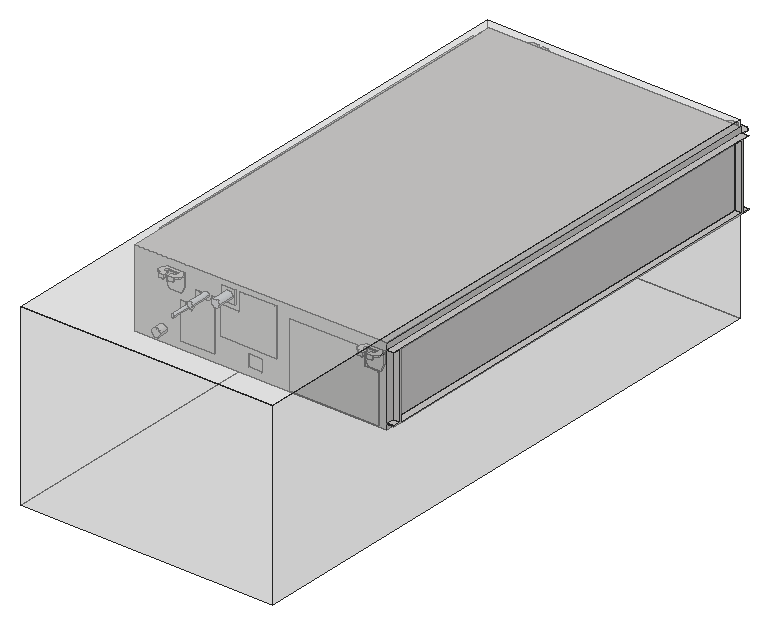
Revit family "outputfile", category 機械設備, Revit 2024
Family settings
  丸型コネクタ寸法 = 半径を使用
  パーツ タイプ = 標準
  OmniClass 番号 = 23.75.10.24.21.27.27
  OmniClass タイトル = Split System Air Conditioning Units
  作業面ベース = いいえ
  常に垂直 = はい
  ロード時にボイドで切り取り = いいえ
  注釈の向きを維持 = いいえ
  共有 = いいえ
  部屋計算ポイント = はい
Parameters (values of type "FXSQ125PAVS")
  Description = ""
  製造元 = "Daikin"
  書き出し IFC クラス(タイプ) = "IfcUnitaryEquipmentType"
  定義済み IFC タイプ(タイプ) = "AIRCONDITIONINGUNIT"
  Cost = 0
  モデル = "FXSQ125PAVS"
  Type Comments = ""
  Keynote = ""
  Type Image = (empty or 0)
  Assembly Code = ""
  r_Liquid Pipe Size = Liquid Pipe Size / 2  # 4.75 mm
  r_Gas Pipe Size = Gas Pipe Size / 2  # 7.95 mm
  r_Drain Pipe Size = Drain Pipe Size / 2  # 12.5 mm
  lw_power = 770.0 mm  # constant formula
  lh_SA = 138.0 mm  # constant formula
  lw_SA = if(Depth = 550.0 mm, 225.0 mm, if(Depth = 700.0 mm, 300.0 mm, if(Depth = 1000.0 mm, 450.0 mm, if(Depth = 1400.0 mm, 650.0 mm, 725.0 mm))))  # 650.0 mm
  lw_RA = if(Depth = 550.0 mm, 275.0 mm, if(Depth = 700.0 mm, 349.0 mm, if(Depth = 1000.0 mm, 499.0 mm, if(Depth = 1400.0 mm, 699.0 mm, 775.0 mm))))  # 699.0 mm
  lh_power = 60.0 mm + [h***]  # 60.0 mm
  lh_mountinghole1 = lh_mountinghole + [h***]  # 222.0 mm
  lh_RA = 123.0 mm  # constant formula
  ld_power = Depth / 2  # 700.0 mm
  Voltage_comment_50Hz = "220-240"
  Voltage_50Hz = 220 V
  URL = ""
  Supply Air Direction [instance] = yes
  Sound Power Level_H speed (dB) = 70
  Phase_50Hz = 1
  Minimum External Static Pressure = 50.00 Pa
  Minimum Circuit Amps_50Hz = 2.8 A
  Maximum Fuse Amps_50Hz = 16.0 A
  Maximum External Static Pressure = 150.00 Pa
  Material_Casing = DAIKIN_GalvanizedSteel_Casing_indoorunit
  lw_mountinghole = 630.0 mm  # constant formula
  lh_gaspipe = 183.0 mm + [h***]  # 183.0 mm
  lh_mountinghole = 222.0 mm  # constant formula
  lh_liquidpipe = 136.0 mm + [h***]  # 136.0 mm
  lh_drainpipe = 207.0 mm + [h***]  # 207.0 mm
  lh_antena = Height - lh_mountinghole + 1.0 mm  # 24.0 mm
  ld_drainpipe = Depth / 2 + 53.0 mm  # 753.0 mm
  ld_liquidpipe = Depth / 2 + 69.0 mm  # 769.0 mm
  ld_gaspipe = Depth / 2 + 65.0 mm  # 765.0 mm
  ld_mountinghole = Depth + 38.0 mm  # 1438.0 mm
  h*** = 0.0 mm  # constant formula
  lw_liquidpipe = 179.0 mm  # constant formula
  lw_gaspipe = 229.0 mm  # constant formula
  lw_drainpipe = 300.0 mm  # constant formula
  Width = 800.0 mm
  Version = "ver.1.0"
  Unit Type = "Middle Static Pressure Duct Type"
  Unit Mass Weight = 47.00 kg
  Unit Designation [instance] = ""
  Uniclass2015Version = "Products v1.30"
  Uniclass2015Title = "Variable refrigerant flow units"
  Uniclass2015Code = "Pr_70_65_03_94"
  Total Heating Capacity [instance] = 0.000 kW
  Total Cooling Capacity [instance] = 0.000 kW
  Sound Pressure Level_M speed (dBA) = 0
  Sound Pressure Level_L speed (dBA) = 35
  Sound Pressure Level_H speed (dBA) = 42
  Series = "VRV Fan Coil Unit"
  Sensible Cooling Capacity [instance] = 0.000 kW
  SA Duct Size Width = if(Depth = 550.0 mm, 337.0 mm, if(Depth = 700.0 mm, 492.0 mm, if(Depth = 1000.0 mm, 792.0 mm, if(Depth = 1400.0 mm, 1192.0 mm, 1337.0 mm))))  # 1192.0 mm
  SA Duct Size Height = 176.0 mm
  Refrigerant Type = "R410A"
  RA Duct Size Width = if(Depth = 550.0 mm, 502.0 mm, if(Depth = 700.0 mm, 654.0 mm, if(Depth = 1000.0 mm, 952.0 mm, if(Depth = 1400.0 mm, 1352.0 mm, 1502.0 mm))))  # 1352.0 mm
  RA Duct Size Height = 208.0 mm
  Power Input (Heating) = 0.355 kW
  Power Input (Cooling) = 0.360 kW
  Option Accessory 3 [instance] = ""
  Option Accessory 2 [instance] = ""
  Option Accessory 1 [instance] = ""
  Nominal Heating Capacity = 16.000 kW
  Nominal Cooling Capacity = 14.000 kW
  Minimum Airflow = 1560.00 m³/h
  Median Airflow = 1890.00 m³/h
  Maximum Airflow = 2220.00 m³/h
  Load Classification = HVAC
  Liquid Pipe Size = 9.5 mm
  Link_Nested Family [instance] = ""
  IfcVersion = "0"
  IfcExportType = "AIRCONDITIONINGUNIT"
  IfcExportAs = "IfcUnitaryEquipmentType"
  Height = 245.0 mm
  Heating Entering Wet Bulb Temperature [instance] = 0.00 °C
  Heating Entering Dry Bulb Temperature [instance] = 0.00 °C
  Heating Ambient Wet Bulb Temperature [instance] = 0.00 °C
  Heating Ambient Dry Bulb Temperature [instance] = 0.00 °C
  Heat Exchanger Type = "Cross Fin Coil"
  Gas Pipe Size = 15.9 mm
  Frequency_50Hz = 50 Hz
  Fan Type = "Sirocco Fan"
  Fan Drive = "Direct Drive"
  FCU Tag No. [instance] = ""
  Drain Pipe Size = 25.0 mm
  Design Supply Airflow [instance] = 0.00 m³/h
  Design Return Airflow [instance] = 0.00 m³/h
  Design External Static Pressure [instance] = 0.00 Pa
  Depth = 1400.0 mm
  既定の高さ = 0.0 mm
  Cooling Entering Wet Bulb Temperature [instance] = 0.00 °C
  Cooling Entering Dry Bulb Temperature [instance] = 0.00 °C
  Cooling Ambient Wet Bulb Temperature [instance] = 0.00 °C
  Cooling Ambient Dry Bulb Temperature [instance] = 0.00 °C
  Clearance visibility [instance] = yes
  Clearance Top = 20.0 mm
  Clearance Right = 0.0 mm
  Clearance Rear = 0.0 mm
  Clearance Left = 0.0 mm
  Clearance Front = 450.0 mm
  Clearance Bottom = 300.0 mm
Reference planes
  plane 1 "Center (Front/Back)": y = 0
  plane 2 "h": z = 0
  plane 3 "Center (Left/Right)": x = 0
  plane 4 "Back": y = 700
  plane 5 "Front": y = -700
  plane 6 "Left": x = -400
  plane 7 "Reight": x = 400
  plane 8 "Top": z = 0
  plane 9 "Bottom": z = -245
  plane 10: y = -215
  plane 11: y = 700
  plane 12: y = -1150
  plane 13: x = -400
  plane 14: x = 400
  plane 15: z = 20
  plane 16: z = -545
  plane 17: x = -400
  plane 18: x = -399
  plane 19: x = 399
  plane 20: y = 50
  plane 21: y = -1
  plane 22: z = -122
  plane 23: y = -701
  plane 24: z = -109
  plane 25: x = -221
  plane 26: y = -765
  plane 27: z = -62
  plane 28: x = -171
  plane 29: y = -753
  plane 30: z = -38
  plane 31: x = -100
  plane 32: x = -100
  plane 33: x = -221
  plane 34: x = -171
  plane 35: x = 370
  plane 36: x = -266
  plane 37: x = 364
  plane 38: y = -719
  plane 39: y = 719
  plane 40: z = -23
  plane 41: z = -107
  plane 42: y = -770
  plane 43: z = -207
  plane 44: x = -309
  plane 45: y = -726
  plane 46: x = -251
  plane 47: x = -203
  plane 48: x = -144
  plane 49: z = -59
  plane 50: z = -106
  plane 51: z = -221
  plane 52: z = -109
  plane 53: x = -221
  plane 54: z = -62
  plane 55: x = -171
  plane 56: z = -17
  plane 57: z = -59
  plane 58: x = -121
  plane 59: x = -79
  plane 60: x = -125
  plane 61: x = -64
  plane 62: x = 53
  plane 63: z = -164
  plane 64: z = -73
  plane 65: z = -16
  plane 66: x = 93.5
  plane 67: x = 374.5
  plane 68: x = 330
  plane 69: z = -88.5
  plane 70: z = -38
  plane 71: z = -242.5
  plane 72: x = -38.5
  plane 73: x = 6.5
  plane 74: z = -181
  plane 75: z = -221
  plane 76: y = -699
  plane 77: x = -424
  plane 78: x = 424
Forms (mm)
  Extrusion 1, solid, material "DAIKIN_GalvanizedSteel_Casing_indoorunit" <- "Material_Casing"
    sketch origin (0, 0, 0) x (1, 0, 0) y (0, 1, 0)
      loop
        line (-399, 700) -> (-399, -700) -> (399, -700) -> (399, 700) -> (-399, 700)
    from -245 to 0
  Extrusion 2, solid, material "DAIKIN_GalvanizedSteel_Casing_indoorunit" <- "Material_Casing"
    sketch origin (0, 0, 0) x (1, 0, 0) y (0, 0, 1)
      loop
        line (-251, -221) -> (-144, -221) -> (-144, -59) -> (-154.47, -59)
        arc (-154.47, -59) -> (-171, -78.8) -> (-187.53, -59) r 16.8
        line (-187.53, -59) -> (-203, -59) -> (-203, -106) -> (-206.916, -106)
        arc (-206.916, -106) -> (-221, -123.4) -> (-235.084, -106) r 14.4
        line (-235.084, -106) -> (-251, -106) -> (-251, -221)
    from 700 to 701
  Extrusion 3, solid, material "DAIKIN_GalvanizedSteel_Casing_indoorunit" <- "Material_Casing"
    sketch origin (0, 0, 0) x (1, 0, 0) y (0, 0, 1)
      loop
        line (-121, -17) -> (-121, -59) -> (-79, -59) -> (-79, -17) -> (-121, -17)
      loop
        line (-125, -73) -> (-125, -164) -> (53, -164) -> (53, -16) -> (-64, -16) -> (-64, -73) -> (-125, -73)
    from 700 to 701
  Extrusion 4, solid, material "DAIKIN_GalvanizedSteel_Casing_indoorunit" <- "Material_Casing"
    sketch origin (0, 0, 0) x (1, 0, 0) y (0, 0, 1)
      loop
        line (93.5, -38) -> (93.5, -242.5) -> (374.5, -242.5) -> (374.5, -88.5) -> (330, -88.5) -> (330, -38) -> (93.5, -38)
    from 700 to 701
  Extrusion 5, solid
    sketch origin (0, 0, 0) x (1, 0, 0) y (0, 0, 1)
      loop
        circle (-221, -109) r 4.75
    from 700 to 770
  Extrusion 6, solid
    sketch origin (0, 0, 0) x (1, 0, 0) y (0, 0, 1)
      loop
        circle (-171, -62) r 7.95
    from 700 to 765
  Extrusion 7, solid
    sketch origin (0, 0, 0) x (1, 0, 0) y (0, 0, 1)
      loop
        circle (-100, -38) r 12.5
    from 701 to 753
  Extrusion 8, solid, material "DAIKIN_GalvanizedSteel_Casing_indoorunit" <- "Material_Casing"
    sketch origin (0, 0, 0) x (1, 0, 0) y (0, 0, 1)
      loop
        circle (-309, -207) r 13
    from 700 to 726
  Extrusion 9, void
    sketch origin (0, 0, 0) x (1, 0, 0) y (0, 0, 1)
      loop
        line (-38.5, -181) -> (-38.5, -221) -> (6.5, -221) -> (6.5, -181) -> (-38.5, -181)
    from 699 to 700
Cuts and joins
  Extrusion 9 cuts Extrusion 1
Dimensions and locks
  "Height": plane 8 "Top" to plane 9 "Bottom"
  equal spacing: plane 4 "Back", plane 1 "Center (Front/Back)", plane 5 "Front"
  "Depth": plane 4 "Back" to plane 5 "Front"
  equal spacing: plane 6 "Left", plane 3 "Center (Left/Right)", plane 7 "Reight"
  "Width": plane 6 "Left" to plane 7 "Reight"
  "Clearance Left": plane 13 to plane 6 "Left"
  "Clearance Right": plane 7 "Reight" to plane 14
  "Clearance Rear": plane 11 to plane 4 "Back"
  "Clearance Front": plane 5 "Front" to plane 12
  "Clearance Top": plane 15 to plane 8 "Top"
  "Clearance Bottom": plane 9 "Bottom" to plane 16
  locked: plane 17 to plane 18 at 1
  locked: plane 19 to plane 14 at 1
  "lw_SA": plane 11 to plane 20
  "lw_RA": plane 21 to plane 5 "Front"
  "lh_RA": plane 22 to plane 9 "Bottom"
  locked: plane 5 "Front" to plane 23 at 1
  "lw_liquidpipe": plane 25 to plane 6 "Left"
  "lh_liquidpipe": plane 24 to plane 9 "Bottom"
  "lh_gaspipe": plane 27 to plane 9 "Bottom"
  "lw_gaspipe": plane 28 to plane 6 "Left"
  "ld_gaspipe": plane 26 to plane 1 "Center (Front/Back)"
  "ld_drainpipe": plane 29 to plane 1 "Center (Front/Back)"
  "lh_drainpipe": plane 30 to plane 9 "Bottom"
  "lw_drainpipe": plane 31 to plane 6 "Left"
  "lw_drainpipe": plane 6 "Left" to plane 32
  "lw_liquidpipe": plane 6 "Left" to plane 33
  "lw_gaspipe": plane 6 "Left" to plane 34
  "lw_power": plane 6 "Left" to plane 35
  locked: plane 17 to plane 36 at 134
  "lw_mountinghole": plane 36 to plane 37
  equal spacing: plane 38, plane 1 "Center (Front/Back)", plane 39
  "ld_mountinghole": plane 39 to plane 38
  "lh_mountinghole": plane 40 to plane 9 "Bottom"
  "lh_SA": plane 41 to plane 9 "Bottom"
  "ld_liquidpipe": plane 21 to plane 42
  locked: plane 44 to plane 6 "Left" at 91
  locked: plane 43 to plane 9 "Bottom" at 38
  locked: plane 5 "Front" to plane 45 at 26
  plane 48 to plane 47 to plane 46 to plane 6 "Left" = 59.0 mm, 48.0 mm, 149.0 mm
  plane 8 "Top" to plane 49 to plane 50 to plane 51 = 59.0 mm locked, 47.0 mm locked, 115.0 mm locked
  plane 55 to plane 53 to plane 6 "Left" = 50.0 mm locked, 179.0 mm locked
  plane 54 to plane 52 to plane 9 "Bottom" = 47.0 mm locked, 136.0 mm locked
  plane 59 to plane 58 to plane 6 "Left" = 42.0 mm locked, 279.0 mm locked
  plane 8 "Top" to plane 56 to plane 57 = 17.0 mm locked, 42.0 mm locked
  plane 62 to plane 61 to plane 60 to plane 6 "Left" = 117.0 mm, 61.0 mm, 275.0 mm
  plane 8 "Top" to plane 65 to plane 64 = 16.0 mm locked, 57.0 mm locked
  locked: plane 65 to plane 63 at 148
  plane 8 "Top" to plane 70 to plane 69 to plane 71 = 38.0 mm locked, 50.5 mm locked, 154.0 mm locked
  plane 67 to plane 68 to plane 66 to plane 6 "Left" = 44.5 mm locked, 236.5 mm locked, 493.5 mm locked
  plane 8 "Top" to plane 74 to plane 75 = 181.0 mm locked, 40.0 mm locked
  plane 73 to plane 72 to plane 6 "Left" = 45.0 mm, 361.5 mm
  locked: plane 76 to plane 5 "Front" at 1
  locked: plane 77 to plane 17 at 24
  locked: plane 14 to plane 78 at 24
  "r_Liquid Pipe Size": radius of Extrusion 5 sketch curve
  "r_Gas Pipe Size": radius of Extrusion 6 sketch curve
  "r_Drain Pipe Size": radius of Extrusion 7 sketch curve
  aligned and locked: level to plane 2 "h"
  aligned and locked: plane 8 "Top" to Extrusion 1
  aligned and locked: Extrusion 1 to plane 9 "Bottom"
  aligned and locked: nested 5 to plane 12
  aligned and locked: plane 13 to nested 5
  aligned and locked: plane 14 to nested 5
  aligned and locked: nested 5 to plane 13
  aligned and locked: plane 11 to nested 5
  aligned and locked: plane 15 to nested 5
  aligned and locked: plane 16 to nested 5
  aligned and locked: plane 5 "Front" to Extrusion 1 sketch curve
  aligned and locked: Extrusion 1 to plane 18
  aligned and locked: plane 19 to Extrusion 1
  aligned and locked: nested 7 to plane 18
  aligned and locked: nested 7 to plane 20
  aligned and locked: plane 19 to nested 8
  aligned and locked: plane 21 to nested 8
  aligned and locked: plane 22 to nested 8
  aligned and locked: Extrusion 2 to plane 23
  aligned and locked: plane 5 "Front" to Extrusion 2
  aligned and locked: Extrusion 3 to plane 23
  aligned and locked: plane 5 "Front" to Extrusion 3
  aligned and locked: plane 5 "Front" to Extrusion 4
  aligned and locked: Extrusion 5 sketch curve to plane 25
  aligned and locked: plane 24 to Extrusion 5 sketch curve
  aligned and locked: plane 5 "Front" to Extrusion 5
  aligned and locked: Extrusion 6 sketch curve to plane 28
  aligned and locked: plane 27 to Extrusion 6 sketch curve
  aligned and locked: plane 5 "Front" to Extrusion 6
  aligned and locked: Extrusion 7 sketch curve to plane 31
  aligned and locked: Extrusion 7 sketch curve to plane 30
  aligned and locked: Extrusion 7 to plane 29
  aligned and locked: plane 23 to Extrusion 7
  aligned and locked: nested 3 to plane 29
  aligned and locked: nested 3 to plane 32
  aligned and locked: nested 2 to plane 33
  aligned and locked: nested 1 to plane 34
  aligned and locked: Extrusion 6 to plane 26
  aligned and locked: nested 1 to plane 26
  aligned and locked: nested 6 to plane 5 "Front"
  aligned and locked: nested 6 to plane 35
  aligned and locked: plane 36 to nested 10
  aligned and locked: nested 10 to plane 5 "Front"
  aligned and locked: plane 37 to nested 9
  aligned and locked: nested 9 to plane 5 "Front"
  aligned and locked: nested 11 to plane 36
  aligned and locked: plane 4 "Back" to nested 11
  aligned and locked: nested 12 to plane 37
  aligned and locked: plane 4 "Back" to nested 12
  aligned and locked: plane 40 to nested 10
  aligned and locked: plane 40 to nested 11
  aligned and locked: plane 40 to nested 9
  aligned and locked: plane 40 to nested 12
  aligned and locked: plane 36 to nested 14
  aligned and locked: nested 14 to plane 39
  aligned and locked: plane 37 to nested 13
  aligned and locked: nested 13 to plane 39
  aligned and locked: plane 37 to nested 16
  aligned and locked: plane 38 to nested 16
  aligned and locked: plane 38 to nested 15
  aligned and locked: plane 36 to nested 15
  aligned and locked: plane 17 to plane 6 "Left"
  aligned and locked: plane 41 to nested 7
  aligned and locked: Extrusion 5 to plane 42
  aligned and locked: nested 2 to plane 42
  aligned and locked: Extrusion 8 sketch curve to plane 44
  aligned and locked: plane 43 to Extrusion 8 sketch curve
  aligned and locked: plane 5 "Front" to Extrusion 8
  aligned and locked: plane 45 to Extrusion 8
  aligned and locked: Extrusion 3 sketch curve to plane 56
  aligned and locked: Extrusion 3 sketch curve to plane 58
  aligned and locked: plane 57 to Extrusion 3 sketch curve
  aligned and locked: plane 59 to Extrusion 3 sketch curve
  aligned and locked: Extrusion 4 to plane 23
  aligned and locked: Extrusion 9 sketch curve to plane 74
  aligned and locked: plane 75 to Extrusion 9 sketch curve
  aligned and locked: plane 73 to Extrusion 9 sketch curve
  aligned and locked: plane 5 "Front" to Extrusion 9
  aligned and locked: plane 76 to Extrusion 9
  aligned and locked: nested 17 to plane 20
  aligned and locked: nested 17 to plane 77
  aligned and locked: plane 21 to nested 18
  aligned and locked: plane 78 to nested 18
  aligned and locked: plane 41 to nested 17
  aligned and locked: nested 18 to plane 22
  aligned and locked: nested 4 to plane 3 "Center (Left/Right)"
  aligned and locked: plane 1 "Center (Front/Back)" to nested 4
  aligned and locked: level to plane 8 "Top"
Automatic sketch dimensions
  plane 6 "Left" to Extrusion 1 sketch curve = 1.0 mm
  Extrusion 1 sketch curve to plane 7 "Reight" = 1.0 mm
  Extrusion 1 sketch curve to plane 4 "Back" = 0.0 mm
  Extrusion 2 sketch curve to plane 46 = 0.0 mm
  Extrusion 2 sketch curve to plane 33 = 0.0 mm
  Extrusion 2 sketch curve to plane 47 = 0.0 mm
  Extrusion 2 sketch curve to plane 34 = 0.0 mm
  Extrusion 2 sketch curve to plane 48 = 0.0 mm
  Extrusion 2 sketch curve to plane 51 = 0.0 mm
  Extrusion 2 sketch curve to plane 52 = 0.0 mm
  Extrusion 2 sketch curve to plane 50 = 0.0 mm  (x3)
  Extrusion 2 sketch curve to plane 54 = 0.0 mm
  Extrusion 2 sketch curve to plane 49 = 0.0 mm  (x3)
  plane 33 to Extrusion 2 sketch curve = 14.084 mm
  plane 34 to Extrusion 2 sketch curve = 16.53 mm
  Extrusion 3 sketch curve to plane 60 = 0.0 mm
  Extrusion 3 sketch curve to plane 61 = 0.0 mm
  Extrusion 3 sketch curve to plane 62 = 0.0 mm
  Extrusion 3 sketch curve to plane 63 = 0.0 mm
  Extrusion 3 sketch curve to plane 64 = 0.0 mm
  Extrusion 3 sketch curve to plane 65 = 0.0 mm
  Extrusion 4 sketch curve to plane 66 = 0.0 mm
  Extrusion 4 sketch curve to plane 68 = 0.0 mm
  Extrusion 4 sketch curve to plane 67 = 0.0 mm
  Extrusion 4 sketch curve to plane 71 = 0.0 mm
  Extrusion 4 sketch curve to plane 69 = 0.0 mm
  Extrusion 4 sketch curve to plane 70 = 0.0 mm
  Extrusion 9 sketch curve to plane 72 = 0.0 mm
  radius of Extrusion 8 sketch curve = 13.0 mm
Nested families
  nested 1: "daikin_connector_rotate2" at (-171, 0, -62), length <- "ld_gaspipe", built-in parameter 1001364 <- "lh_gaspipe", radius <- "r_Gas Pipe Size", type "daikin_connector_rotate2"
    with radius 7.95 mm, length 765.0 mm, angle_vertical 90.00°
  nested 2: "daikin_connector_rotate2" at (-221, -1, -109), length <- "ld_liquidpipe", built-in parameter 1001364 <- "lh_liquidpipe", radius <- "r_Liquid Pipe Size", type "daikin_connector_rotate2"
    with radius 4.75 mm, length 769.0 mm, angle_vertical 90.00°
  nested 3: "daikin_connector_rotate2" at (-100, 0, -38), length <- "ld_drainpipe", built-in parameter 1001364 <- "lh_drainpipe", radius <- "r_Drain Pipe Size", type "daikin_connector_rotate2"
    with radius 12.5 mm, length 753.0 mm, angle_vertical 90.00°
  nested 4: "daikin_△_symbolicline" at (0, 0, 245) x (0, -1, 0) z (0, 0, 1), built-in parameter 1001364 <- "Height", visible <- "Supply Air Direction", type "daikin_△_symbolicline"
    with length 200.0 mm
  nested 5: "daikin_clearancespace" at (0, -225, -262.381), visible <- "Clearance visibility", show <- "Clearance visibility", Link_Nested Family <- "Link_Nested Family", type "daikin_clearancespace"
    with width 800.0 mm, show yes, height 565.0 mm, depth 1850.0 mm, Link_Nested Family ""
  nested 6: "daikin_connector_rotate2" at (370, 0, -185), built-in parameter 1001364 <- "lh_power", length <- "ld_power", type "daikin_connector_rotate2"
    with radius 10.0 mm, length 700.0 mm, angle_vertical 90.00°
  nested 7: "daikin_ductflange_FXSQ-PAVS2" at (-399, 50, -107) x (0, -1, 0) z (0, 0, 1), type "daikin_ductflange_FXSQ-PAVS2"
    with width 1192.0 mm, w 1400.0 mm
  nested 8: "daikin_ductflange_FXSQ-PAVS" at (399, -1, -122) x (0, 1, 0) z (0, 0, 1), type "daikin_ductflange_FXSQ-PAVS"
    with width 1352.0 mm, w 1400.0 mm
  nested 9: "daikin_hangerfixture_FXSQ-PAVS" at (364, -700, -23), type "daikin_hangerfixture_FXSQ-PAVS"
  nested 10: "daikin_hangerfixture_FXSQ-PAVS" at (-266, -700, -23), type "daikin_hangerfixture_FXSQ-PAVS"
  nested 11: "daikin_hangerfixture_FXSQ-PAVS" at (-266, 700, -23) x (-1, 0, 0) z (0, 0, 1), type "daikin_hangerfixture_FXSQ-PAVS"
  nested 12: "daikin_hangerfixture_FXSQ-PAVS" at (364, 700, -23) x (-1, 0, 0) z (0, 0, 1), type "daikin_hangerfixture_FXSQ-PAVS"
  nested 13: "daikin_mountinghole" at (364, 719, -245), h_mountinghole <- "lh_mountinghole1", l_antenna <- "lh_antena", Link_Nested Family <- "Link_Nested Family", type "daikin_mountinghole"
    with show yes, l_antenna 24.0 mm, h_mountinghole 222.0 mm, Link_Nested Family ""
  nested 14: "daikin_mountinghole" at (-266, 719, -245), h_mountinghole <- "lh_mountinghole1", l_antenna <- "lh_antena", Link_Nested Family <- "Link_Nested Family", type "daikin_mountinghole"
    with show yes, l_antenna 24.0 mm, h_mountinghole 222.0 mm, Link_Nested Family ""
  nested 15: "daikin_mountinghole" at (-266, -719, -245), h_mountinghole <- "lh_mountinghole1", l_antenna <- "lh_antena", Link_Nested Family <- "Link_Nested Family", type "daikin_mountinghole"
    with show yes, l_antenna 24.0 mm, h_mountinghole 222.0 mm, Link_Nested Family ""
  nested 16: "daikin_mountinghole" at (364, -719, -245), h_mountinghole <- "lh_mountinghole1", l_antenna <- "lh_antena", Link_Nested Family <- "Link_Nested Family", type "daikin_mountinghole"
    with show yes, l_antenna 24.0 mm, h_mountinghole 222.0 mm, Link_Nested Family ""
  nested 17: "daikin_connector_rotate2" at (-400, 50, -107) x (0, -1, 0) z (0, 0, 1), type "daikin_connector_rotate2"
    with radius 10.0 mm, length 24.0 mm, angle_vertical 90.00°
  nested 18: "daikin_connector_rotate2" at (400, -1, -122) x (0, 1, 0) z (0, 0, 1), type "daikin_connector_rotate2"
    with radius 10.0 mm, length 24.0 mm, angle_vertical 90.00°
Connectors
  piping at (-100, -753, -38), diameter 25, driven by "r_Drain Pipe Size"
    settings: on nested 3, index 3, connector inside diameter 609.6 mm, connector length 0.0 mm, flow factor 0, pipe flow 0.00 m³/h, pressure drop 0.0 Pa, fitting loss kfactor 0, connector angle 0.00°, fixture units 0, engagement length 0.0 mm, angle of deflection 0.00°, flow configuration 1, flow direction 2, fitting loss method 4, system type 16, joint type 0, gender type 0, connector reference index -1, connector utility 0, adjustable connector no, is connector primary yes, connector description "Condensate Drain Piping"
  piping at (-171, -765, -62), diameter 15.9, driven by "r_Gas Pipe Size"
    settings: on nested 1, index 4, connector inside diameter 609.6 mm, connector length 0.0 mm, flow factor 0, pipe flow 0.00 m³/h, pressure drop 0.0 Pa, fitting loss kfactor 0, connector angle 0.00°, fixture units 0, engagement length 0.0 mm, angle of deflection 0.00°, flow configuration 1, flow direction 2, fitting loss method 0, system type 29, joint type 0, gender type 0, connector reference index -1, connector utility 0, adjustable connector no, is connector primary no, connector description "Refrigerant Gas Piping"
  piping at (-221, -770, -109), diameter 9.5, driven by "r_Liquid Pipe Size"
    settings: on nested 2, index 5, connector inside diameter 609.6 mm, connector length 0.0 mm, flow factor 0, pipe flow 0.00 m³/h, pressure drop 0.0 Pa, fitting loss kfactor 0, connector angle 0.00°, fixture units 0, engagement length 0.0 mm, angle of deflection 0.00°, flow configuration 1, flow direction 1, fitting loss method 0, system type 29, joint type 0, gender type 0, connector reference index -1, connector utility 0, adjustable connector no, is connector primary no, connector description "Refrigerant Liquid Piping"
  electrical at (370, -700, -185), driven by "Load Classification"
    settings: on nested 6, index 6, voltage 0 V, apparent load 0 VA, apparent load phase1 0 VA, apparent load phase2 0 VA, apparent load phase3 0 VA, power factor 1, load classification "HVAC", number of poles 1, system type 30, power factor state 1, is connector primary yes, connector utility no, sub classification motor no, connector description "Power Supply"
  hvac at (-424, 50, -107), driven by "SA Duct Size Height", driven by "SA Duct Size Width"
    settings: on nested 17, index 7, duct flow 0.00 m³/h, flow factor 0, pres drop 0.00 Pa, loss coef 0, conn angle 0.00°, conn width 1192.0 mm, conn height 176.0 mm, conn diameter 609.6 mm, duct sys type 1, conn prof type 1, flow config 0, flow direction 2, loss method 4, conn ref index -1, conn util no, is conn primary yes, conn desc "SA Duct"
  hvac at (424, -1, -122), driven by "RA Duct Size Height", driven by "RA Duct Size Width"
    settings: on nested 18, index 8, duct flow 0.00 m³/h, flow factor 0, pres drop 0.00 Pa, loss coef 0, conn angle 0.00°, conn width 1352.0 mm, conn height 208.0 mm, conn diameter 609.6 mm, duct sys type 2, conn prof type 1, flow config 0, flow direction 1, loss method 4, conn ref index -1, conn util no, is conn primary no, conn desc "RA Duct"
Definition of nested family "daikin_clearancespace"
  Parameters (values of type "daikin_clearancespace")
    width [instance] = 1823.963 mm
    show [instance] = yes
    material = none
    height [instance] = 1359.762 mm
    depth [instance] = 880.0 mm
    Default Elevation = 0.0 mm
    Link_Nested Family [instance] = ""
  Reference planes
    plane 1 "Center (Front/Back)": y = 0
    plane 2 "Center (Elevation)": z = -0.119
    plane 3 "Center (Left/Right)": x = 0
    plane 4: y = 440
    plane 5: y = -440
    plane 6 "Right": x = 911.982
    plane 7 "Left": x = -911.982
    plane 8 "Top": z = 679.762
    plane 9 "Bottom": z = -680
  Forms (mm)
    Extrusion 1, solid, material <- "material", visible <- "show"
      sketch origin (0, 0, 0) x (1, 0, 0) y (0, 1, 0)
        loop
          line (-911.982, 440) -> (-911.982, -440) -> (911.982, -440) -> (911.982, 440) -> (-911.982, 440)
      from -680 to 679.762
  Lines and regions (mm)
    symbolic lines, visible <- "show"
      curve 1: line (911.982, 440, 0) -> (-911.982, 440, 0)
      curve 2: line (-911.982, 440, 0) -> (-911.982, -440, 0)
      curve 3: line (-911.982, -440, 0) -> (911.982, -440, 0)
      curve 4: line (911.982, -440, 0) -> (911.982, 440, 0)
      curve 5: line (911.982, 0, 679.762) -> (-911.982, 0, 679.762)
      curve 6: line (911.982, 0, -680) -> (911.982, 0, 679.762)
      curve 7: line (-911.982, 0, -680) -> (911.982, 0, -680)
      curve 8: line (-911.982, 0, 679.762) -> (-911.982, 0, -680)
      curve 9: line (0, 440, 679.762) -> (0, -440, 679.762)
      curve 10: line (0, -440, 679.762) -> (0, -440, -680)
      curve 11: line (0, 440, -680) -> (0, 440, 679.762)
      curve 12: line (0, -440, -680) -> (0, 440, -680)
  Dimensions and locks
    "width": plane 7 "Left" to plane 6 "Right"
    "depth": plane 4 to plane 5
    "height": plane 8 "Top" to plane 9 "Bottom"
    equal spacing: plane 7 "Left", plane 3 "Center (Left/Right)", plane 6 "Right"
    equal spacing: plane 4, plane 1 "Center (Front/Back)", plane 5
    equal spacing: plane 8 "Top", plane 2 "Center (Elevation)", plane 9 "Bottom"
    aligned and locked: level to plane 2 "Center (Elevation)"
    aligned and locked: Extrusion 1 sketch curve to plane 4
    aligned and locked: plane 7 "Left" to Extrusion 1 sketch curve
    aligned and locked: Extrusion 1 sketch curve to plane 5
    aligned and locked: Extrusion 1 sketch curve to plane 6 "Right"
    aligned and locked: plane 8 "Top" to Extrusion 1
    aligned and locked: curve 1 to Extrusion 1
    aligned and locked: curve 2 to Extrusion 1
    aligned and locked: curve 3 to Extrusion 1
    aligned and locked: curve 4 to Extrusion 1
    aligned and locked: curve 5 to Extrusion 1
    aligned and locked: curve 6 to Extrusion 1
    aligned and locked: curve 7 to Extrusion 1
    aligned and locked: curve 8 to Extrusion 1
    aligned and locked: curve 9 to Extrusion 1
    aligned and locked: curve 10 to Extrusion 1
    aligned and locked: curve 11 to Extrusion 1
    aligned and locked: curve 12 to Extrusion 1
    aligned and locked: Extrusion 1 to plane 9 "Bottom"
Definition of nested family "daikin_ductflange_FXSQ-PAVS2"
  Parameters (values of type "daikin_ductflange_FXMQ-PAVE2")
    width = if(w = 550.0 mm, 337.0 mm, if(w = 700.0 mm, 492.0 mm, if(w = 1000.0 mm, 792.0 mm, if(w = 1400.0 mm, 1192.0 mm, 1337.0 mm))))  # 337.0 mm
    material = none
    height = 215.0 mm
    depth = 1.0 mm
    w = 550.0 mm
    Default Elevation = 0.0 mm
  Reference planes
    plane 1 "Center (Front/Back)": y = 0
    plane 2: z = 0
    plane 3 "Center (Left/Right)": x = 0
    plane 4: z = 88
    plane 5: z = -88
    plane 6: y = -25
    plane 7: z = 106
    plane 8: z = 89
    plane 9: y = -1
    plane 10: x = -192.5
    plane 11: x = 192.5
    plane 12: z = -106
    plane 13: z = -89
    plane 14: y = -1
    plane 15: x = 168.5
    plane 16: x = -168.5
    plane 17: x = 169.5
    plane 18: z = 87
    plane 19: z = -87
    plane 20: x = -169.5
    plane 21: z = 87
    plane 22: z = -87
    plane 23: y = -1
  Forms (mm)
    Extrusion 1, solid, material <- "material"
      sketch origin (0, 0, 0) x (0, 1, 0) y (0, 0, 1)
        loop
          line (-25, 88) -> (0, 88) -> (0, 106) -> (-1, 106) -> (-1, 89) -> (-25, 89) -> (-25, 88)
      from -192.5 to 192.5
    Extrusion 2, solid, material <- "material"
      sketch origin (0, 0, 0) x (0, 1, 0) y (0, 0, 1)
        loop
          line (-25, -88) -> (-25, -89) -> (-1, -89) -> (-1, -106) -> (0, -106) -> (0, -88) -> (-25, -88)
      from -192.5 to 192.5
    Extrusion 3, solid, material <- "material"
      sketch origin (0, 0, 0) x (1, 0, 0) y (0, 0, 1)
        loop
          line (168.5, 88) -> (168.5, -88) -> (192.5, -88) -> (192.5, -87) -> (169.5, -87) -> (169.5, 87) -> (192.5, 87) -> (192.5, 88) -> (168.5, 88)
      from 0 to 25
    Extrusion 4, solid, material <- "material"
      sketch origin (0, 0, 0) x (1, 0, 0) y (0, 0, 1)
        loop
          line (-192.5, 88) -> (-192.5, 87) -> (-169.5, 87) -> (-169.5, -87) -> (-192.5, -87) -> (-192.5, -88) -> (-168.5, -88) -> (-168.5, 88) -> (-192.5, 88)
      from 0 to 25
    Extrusion 5, solid, material <- "material"
      sketch origin (0, 0, 0) x (1, 0, 0) y (0, 0, 1)
        loop
          line (-192.5, 88) -> (-192.5, -88) -> (-168.5, -88) -> (-168.5, 88) -> (-192.5, 88)
        loop
          line (192.5, 88) -> (168.5, 88) -> (168.5, -88) -> (192.5, -88) -> (192.5, 88)
      from 0 to 1
  Cuts and joins
    joined: Extrusion 1, Extrusion 2, Extrusion 3, Extrusion 4, Extrusion 5
  Dimensions and locks
    plane 4 to level to plane 5 = 88.0 mm, 88.0 mm
    locked: plane 6 to plane 1 "Center (Front/Back)" at 25
    locked: plane 9 to plane 1 "Center (Front/Back)" at 1
    locked: plane 8 to plane 4 at 1
    locked: plane 16 to plane 10 at 24
    locked: plane 17 to plane 15 at 1
    locked: plane 4 to plane 18 at 1
    locked: plane 19 to plane 5 at 1
    "width": plane 15 to plane 16
    plane 4 to plane 5 = 176.0 mm
    locked: plane 16 to plane 20 at 1
    locked: plane 4 to plane 21 at 1
    locked: plane 22 to plane 5 at 1
    locked: plane 23 to plane 1 "Center (Front/Back)" at 1
    plane 4 to level to plane 5 = 88.0 mm locked, 88.0 mm locked
    locked: plane 5 to plane 13 at 1
    locked: plane 5 to plane 12 at 18
    locked: plane 7 to plane 4 at 18
    equal spacing: plane 15, plane 3 "Center (Left/Right)", plane 16
    locked: plane 11 to plane 15 at 24
    plane 11 to plane 10 = 385.0 mm
    aligned and locked: level to plane 2
    aligned and locked: Extrusion 1 to plane 10
    aligned and locked: plane 11 to Extrusion 1
    aligned and locked: plane 5 to Extrusion 2
    aligned and locked: Extrusion 2 to plane 1 "Center (Front/Back)"
    aligned and locked: plane 15 to Extrusion 3 sketch curve
    aligned and locked: Extrusion 3 sketch curve to Extrusion 2  (x2)
    aligned and locked: Extrusion 3 sketch curve to plane 11
    aligned and locked: plane 6 to Extrusion 3
    aligned and locked: Extrusion 2 to plane 10
    aligned and locked: plane 11 to Extrusion 2
    aligned and locked: Extrusion 4 sketch curve to Extrusion 1  (x2)
    aligned and locked: plane 5 to Extrusion 4 sketch curve
    aligned and locked: Extrusion 4 sketch curve to plane 16
    aligned and locked: Extrusion 4 sketch curve to plane 22
    aligned and locked: plane 20 to Extrusion 4 sketch curve
    aligned and locked: plane 21 to Extrusion 4 sketch curve
    aligned and locked: Extrusion 4 to plane 1 "Center (Front/Back)"
    aligned and locked: plane 6 to Extrusion 4
    aligned and locked: Extrusion 5 sketch curve to Extrusion 1  (x4)
    aligned and locked: Extrusion 5 sketch curve to Extrusion 4  (x2)
    aligned and locked: Extrusion 5 sketch curve to Extrusion 3  (x2)
    aligned and locked: Extrusion 5 to plane 1 "Center (Front/Back)"
    aligned and locked: plane 23 to Extrusion 5
  Automatic sketch dimensions
    Extrusion 1 sketch curve to plane 6 = 0.0 mm
    Extrusion 1 sketch curve to plane 7 = 0.0 mm
    Extrusion 1 sketch curve to plane 9 = 0.0 mm
    Extrusion 1 sketch curve to plane 1 "Center (Front/Back)" = 0.0 mm
    Extrusion 1 sketch curve to plane 4 = 0.0 mm
    Extrusion 1 sketch curve to plane 8 = 0.0 mm
    Extrusion 2 sketch curve to plane 6 = 0.0 mm
    plane 12 to Extrusion 2 sketch curve = 0.0 mm
    Extrusion 2 sketch curve to plane 14 = 0.0 mm
    Extrusion 2 sketch curve to plane 1 "Center (Front/Back)" = 0.0 mm
    plane 13 to Extrusion 2 sketch curve = 0.0 mm
    Extrusion 2 sketch curve to plane 5 = 0.0 mm
    Extrusion 3 sketch curve to plane 17 = 0.0 mm
    Extrusion 3 sketch curve to plane 19 = 0.0 mm
    Extrusion 3 sketch curve to plane 18 = 0.0 mm
    Extrusion 3 sketch curve to plane 4 = 0.0 mm
    Extrusion 4 sketch curve to plane 10 = 0.0 mm
Definition of nested family "daikin_ductflange_FXSQ-PAVS"
  Parameters (values of type "daikin_ductflange_FXMQ-PAVE")
    width = if(w = 550.0 mm, 502.0 mm, if(w = 700.0 mm, 654.0 mm, if(w = 1000.0 mm, 952.0 mm, if(w = 1400.0 mm, 1352.0 mm, 1502.0 mm))))  # 502.0 mm
    material = none
    height = 208.0 mm
    depth = 1.0 mm
    w = 550.0 mm
    Default Elevation = 0.0 mm
  Reference planes
    plane 1 "Center (Front/Back)": y = 0
    plane 2: z = 0
    plane 3 "Center (Left/Right)": x = 0
    plane 4: z = 104
    plane 5: z = -104
    plane 6: y = -25
    plane 7: z = 121
    plane 8: z = 105
    plane 9: y = -1
    plane 10: x = -275
    plane 11: x = 275
    plane 12: z = -122
    plane 13: z = -105
    plane 14: y = -1
    plane 15: x = 251
    plane 16: x = -251
    plane 17: x = 252
    plane 18: z = 103
    plane 19: z = -103
    plane 20: x = -252
    plane 21: z = 103
    plane 22: z = -103
    plane 23: y = -1
  Forms (mm)
    Extrusion 1, solid, material <- "material"
      sketch origin (0, 0, 0) x (0, 1, 0) y (0, 0, 1)
        loop
          line (-25, 104) -> (0, 104) -> (0, 121) -> (-1, 121) -> (-1, 105) -> (-25, 105) -> (-25, 104)
      from -275 to 275
    Extrusion 2, solid, material <- "material"
      sketch origin (0, 0, 0) x (0, 1, 0) y (0, 0, 1)
        loop
          line (-25, -104) -> (-25, -105) -> (-1, -105) -> (-1, -122) -> (0, -122) -> (0, -104) -> (-25, -104)
      from -275 to 275
    Extrusion 3, solid, material <- "material"
      sketch origin (0, 0, 0) x (1, 0, 0) y (0, 0, 1)
        loop
          line (251, 104) -> (251, -104) -> (275, -104) -> (275, -103) -> (252, -103) -> (252, 103) -> (275, 103) -> (275, 104) -> (251, 104)
      from 0 to 25
    Extrusion 4, solid, material <- "material"
      sketch origin (0, 0, 0) x (1, 0, 0) y (0, 0, 1)
        loop
          line (-275, 104) -> (-275, 103) -> (-252, 103) -> (-252, -103) -> (-275, -103) -> (-275, -104) -> (-251, -104) -> (-251, 104) -> (-275, 104)
      from 0 to 25
    Extrusion 5, solid, material <- "material"
      sketch origin (0, 0, 0) x (1, 0, 0) y (0, 0, 1)
        loop
          line (-275, 104) -> (-275, -104) -> (-251, -104) -> (-251, 104) -> (-275, 104)
        loop
          line (275, 104) -> (251, 104) -> (251, -104) -> (275, -104) -> (275, 104)
      from 0 to 1
  Cuts and joins
    joined: Extrusion 1, Extrusion 2, Extrusion 3, Extrusion 4, Extrusion 5
  Dimensions and locks
    plane 4 to level to plane 5 = 104.0 mm, 104.0 mm
    locked: plane 6 to plane 1 "Center (Front/Back)" at 25
    locked: plane 9 to plane 1 "Center (Front/Back)" at 1
    locked: plane 8 to plane 4 at 1
    locked: plane 11 to plane 15 at 24
    locked: plane 16 to plane 10 at 24
    locked: plane 17 to plane 15 at 1
    locked: plane 4 to plane 18 at 1
    locked: plane 19 to plane 5 at 1
    "width": plane 15 to plane 16
    equal spacing: plane 15, plane 3 "Center (Left/Right)", plane 16
    locked: plane 16 to plane 20 at 1
    locked: plane 4 to plane 21 at 1
    locked: plane 22 to plane 5 at 1
    locked: plane 23 to plane 1 "Center (Front/Back)" at 1
    locked: plane 7 to plane 4 at 17
    locked: plane 1 "Center (Front/Back)" to plane 14 at 1
    locked: plane 5 to plane 13 at 1
    "height": plane 4 to plane 5
    plane 11 to plane 10 = 550.0 mm
    locked: plane 12 to plane 13 at 17
    equal spacing: plane 4, level, plane 5
    aligned and locked: level to plane 2
    aligned and locked: Extrusion 1 to plane 10
    aligned and locked: plane 11 to Extrusion 1
    aligned and locked: plane 5 to Extrusion 2
    aligned and locked: Extrusion 2 to plane 1 "Center (Front/Back)"
    aligned and locked: plane 15 to Extrusion 3 sketch curve
    aligned and locked: Extrusion 3 sketch curve to Extrusion 2  (x2)
    aligned and locked: Extrusion 3 sketch curve to plane 11
    aligned and locked: plane 6 to Extrusion 3
    aligned and locked: Extrusion 2 to plane 10
    aligned and locked: plane 11 to Extrusion 2
    aligned and locked: Extrusion 4 sketch curve to Extrusion 1  (x2)
    aligned and locked: plane 5 to Extrusion 4 sketch curve
    aligned and locked: Extrusion 4 sketch curve to plane 16
    aligned and locked: Extrusion 4 sketch curve to plane 22
    aligned and locked: plane 20 to Extrusion 4 sketch curve
    aligned and locked: plane 21 to Extrusion 4 sketch curve
    aligned and locked: Extrusion 4 to plane 1 "Center (Front/Back)"
    aligned and locked: plane 6 to Extrusion 4
    aligned and locked: Extrusion 5 sketch curve to Extrusion 1  (x4)
    aligned and locked: Extrusion 5 sketch curve to Extrusion 4  (x2)
    aligned and locked: Extrusion 5 sketch curve to Extrusion 3  (x2)
    aligned and locked: Extrusion 5 to plane 1 "Center (Front/Back)"
    aligned and locked: plane 23 to Extrusion 5
  Automatic sketch dimensions
    Extrusion 1 sketch curve to plane 6 = 0.0 mm
    Extrusion 1 sketch curve to plane 7 = 0.0 mm
    Extrusion 1 sketch curve to plane 9 = 0.0 mm
    Extrusion 1 sketch curve to plane 1 "Center (Front/Back)" = 0.0 mm
    Extrusion 1 sketch curve to plane 4 = 0.0 mm
    Extrusion 1 sketch curve to plane 8 = 0.0 mm
    Extrusion 2 sketch curve to plane 6 = 0.0 mm
    plane 12 to Extrusion 2 sketch curve = 0.0 mm
    Extrusion 2 sketch curve to plane 14 = 0.0 mm
    Extrusion 2 sketch curve to plane 1 "Center (Front/Back)" = 0.0 mm
    plane 13 to Extrusion 2 sketch curve = 0.0 mm
    Extrusion 2 sketch curve to plane 5 = 0.0 mm
    Extrusion 3 sketch curve to plane 17 = 0.0 mm
    Extrusion 3 sketch curve to plane 19 = 0.0 mm
    Extrusion 3 sketch curve to plane 18 = 0.0 mm
    Extrusion 3 sketch curve to plane 4 = 0.0 mm
    Extrusion 4 sketch curve to plane 10 = 0.0 mm
Definition of nested family "daikin_hangerfixture_FXSQ-PAVS"
  Parameters (values of type "daikin_hangerfixture_FXMQ-PAVE")
    width = 72.0 mm
    material = none
    height = 60.0 mm
    depth = 41.0 mm
    Default Elevation = 0.0 mm
  Reference planes
    plane 1 "Center (Front/Back)": y = 0
    plane 2: z = 0
    plane 3 "Center (Left/Right)": x = 0
    plane 4: y = 417.146
    plane 5: y = -41
    plane 6: x = -36
    plane 7: x = 36
    plane 8: z = -2.3
    plane 9: z = -60
    plane 10: y = -2.3
    plane 11: z = -12
    plane 12: y = -38.7
  Forms (mm)
    Extrusion 1, solid, material <- "material"
      sketch origin (0, 0, 0) x (1, 0, 0) y (0, 1, 0)
        loop
          line (-28, 0) -> (-28, -5)
          arc (-28, -5) -> (-29.127, -8.162) -> (-32, -9.899) r 5
          arc (-32, -9.899) -> (-34.873, -11.636) -> (-36, -14.798) r 5
          line (-36, -14.798) -> (-36, -27.178)
          arc (-36, -27.178) -> (-35.429, -29.499) -> (-33.846, -31.289) r 5
          line (-33.846, -31.289) -> (-23, -38.798) -> (-23, -41.098) -> (-6.5, -41.098) -> (-6.5, -28.498)
          arc (-6.5, -28.498) -> (-7.379, -26.377) -> (-9.5, -25.498) r 3
          line (-9.5, -25.498) -> (-13.5, -25.498)
          arc (-13.5, -25.498) -> (-20, -18.998) -> (-13.5, -12.498) r 6.5
          line (-13.5, -12.498) -> (13.5, -12.498)
          arc (13.5, -12.498) -> (20, -18.998) -> (13.5, -25.498) r 6.5
          line (13.5, -25.498) -> (9.5, -25.498)
          arc (9.5, -25.498) -> (7.379, -26.377) -> (6.5, -28.498) r 3
          line (6.5, -28.498) -> (6.5, -41.098) -> (23, -41.098) -> (23, -38.798) -> (33.846, -31.289)
          arc (33.846, -31.289) -> (35.429, -29.499) -> (36, -27.178) r 5
          line (36, -27.178) -> (36, -14.596)
          arc (36, -14.596) -> (34.873, -11.434) -> (32, -9.697) r 5
          arc (32, -9.697) -> (29.127, -7.96) -> (28, -4.798) r 5
          line (28, -4.798) -> (28, 0) -> (-28, 0)
      from 0 to -2.3
    Extrusion 2, solid, material <- "material"
      sketch origin (0, 0, 0) x (1, 0, 0) y (0, 0, 1)
        loop
          line (28, -39.037) -> (28, 0) -> (-28, 0) -> (-28, -39.037)
          arc (-28, -39.037) -> (-27.91, -39.983) -> (-27.642, -40.894) r 5
          line (-27.642, -40.894) -> (-21.257, -56.857)
          arc (-21.257, -56.857) -> (-19.418, -59.14) -> (-16.615, -60) r 5
          line (-16.615, -60) -> (16.615, -60)
          arc (16.615, -60) -> (19.418, -59.14) -> (21.257, -56.857) r 5
          line (21.257, -56.857) -> (27.642, -40.894)
          arc (27.642, -40.894) -> (27.91, -39.983) -> (28, -39.037) r 5
      from 0 to 2.3
    Extrusion 3, solid, material <- "material"
      sketch origin (0, 0, 0) x (1, 0, 0) y (0, 0, 1)
        loop
          line (-23, 0) -> (-23, -9)
          arc (-23, -9) -> (-22.121, -11.121) -> (-20, -12) r 3
          line (-20, -12) -> (-9.5, -12)
          arc (-9.5, -12) -> (-7.379, -11.121) -> (-6.5, -9) r 3
          line (-6.5, -9) -> (-6.5, 0) -> (-23, 0)
        loop
          line (23, 0) -> (6.5, 0) -> (6.5, -9)
          arc (6.5, -9) -> (7.379, -11.121) -> (9.5, -12) r 3
          line (9.5, -12) -> (20, -12)
          arc (20, -12) -> (22.121, -11.121) -> (23, -9) r 3
          line (23, -9) -> (23, 0)
      from 38.8 to 41.098
  Cuts and joins
    joined: Extrusion 1, Extrusion 2, Extrusion 3
  Dimensions and locks
    plane 2 to plane 8 = 2.3 mm
    "height": plane 2 to plane 9
    locked: plane 10 to plane 1 "Center (Front/Back)" at 2.3
    locked: plane 2 to plane 11 at 12
    locked: plane 12 to plane 5 at 2.3
    aligned and locked: level to plane 2
    aligned and locked: Extrusion 1 to plane 8
    aligned and locked: plane 2 to Extrusion 1
    aligned and locked: plane 2 to Extrusion 2 sketch curve
    aligned and locked: Extrusion 2 to plane 10
    aligned and locked: Extrusion 2 to plane 1 "Center (Front/Back)"
    aligned and locked: Extrusion 3 sketch curve to cut or joined group of Extrusion 1, Extrusion 2, Extrusion 3  (x3)
    aligned and locked: cut or joined group of Extrusion 1, Extrusion 2, Extrusion 3 to Extrusion 3
  Automatic sketch dimensions
    Extrusion 2 sketch curve to plane 7 = 8.0 mm
    Extrusion 2 sketch curve to plane 8 = 36.737 mm
    plane 6 to Extrusion 2 sketch curve = 19.385 mm
    Extrusion 1 sketch curve to plane 6 = 0.0 mm
    plane 1 "Center (Front/Back)" to Extrusion 1 sketch curve = 0.0 mm
    Extrusion 1 sketch curve to plane 7 = 0.0 mm
    plane 6 to Extrusion 1 sketch curve = 2.154 mm
    plane 6 to Extrusion 1 sketch curve = 3.0 mm
    Extrusion 1 sketch curve to Extrusion 1 sketch curve = 5.0 mm  (x3)
    Extrusion 1 sketch curve to plane 12 = 0.098 mm  (x2)
    Extrusion 1 sketch curve to Extrusion 1 sketch curve = 4.0 mm  (x2)
    Extrusion 1 sketch curve to plane 5 = 0.098 mm  (x2)
    Extrusion 1 sketch curve to plane 3 "Center (Left/Right)" = 6.5 mm
    plane 3 "Center (Left/Right)" to Extrusion 1 sketch curve = 6.5 mm
    Extrusion 1 sketch curve to Extrusion 1 sketch curve = 3.0 mm
    Extrusion 1 sketch curve to plane 7 = 8.0 mm
    Extrusion 1 sketch curve to plane 7 = 5.0 mm
    Extrusion 1 sketch curve to plane 7 = 3.0 mm
    Extrusion 1 sketch curve to plane 7 = 2.154 mm
    plane 12 to Extrusion 1 sketch curve = 7.411 mm  (x2)
    plane 12 to Extrusion 1 sketch curve = 10.202 mm  (x2)
    Extrusion 1 sketch curve to Extrusion 1 sketch curve = 6.5 mm  (x2)
    Extrusion 1 sketch curve to Extrusion 1 sketch curve = 12.38 mm
    Extrusion 1 sketch curve to plane 10 = 12.296 mm
    Extrusion 1 sketch curve to plane 10 = 2.7 mm
    Extrusion 1 sketch curve to plane 10 = 2.498 mm
    plane 6 to Extrusion 1 sketch curve = 4.0 mm
    Extrusion 1 sketch curve to Extrusion 1 sketch curve = 0.0 mm  (x2)
    Extrusion 1 sketch curve to plane 7 = 4.0 mm
    Extrusion 1 sketch curve to Extrusion 1 sketch curve = 4.111 mm
    Extrusion 3 sketch curve to level = 0.0 mm  (x2)
    Extrusion 3 sketch curve to plane 11 = 0.0 mm  (x2)
    plane 11 to Extrusion 3 sketch curve = 3.0 mm  (x2)
    plane 3 "Center (Left/Right)" to Extrusion 3 sketch curve = 6.5 mm
    Extrusion 3 sketch curve to Extrusion 3 sketch curve = 3.0 mm  (x2)
    Extrusion 2 sketch curve to plane 9 = 0.0 mm
    Extrusion 2 sketch curve to Extrusion 2 sketch curve = 11.385 mm
    plane 6 to Extrusion 2 sketch curve = 8.0 mm
    plane 9 to Extrusion 2 sketch curve = 20.963 mm
    Extrusion 2 sketch curve to Extrusion 2 sketch curve = 5.0 mm  (x2)
    plane 9 to Extrusion 2 sketch curve = 3.143 mm  (x3)
    Extrusion 2 sketch curve to Extrusion 2 sketch curve = 4.642 mm  (x2)
    Extrusion 2 sketch curve to Extrusion 2 sketch curve = 0.0 mm  (x2)
    Extrusion 2 sketch curve to Extrusion 2 sketch curve = 0.358 mm
    Extrusion 2 sketch curve to Extrusion 2 sketch curve = 1.857 mm  (x2)
Definition of nested family "daikin_connector_rotate2"
  Parameters (values of type "daikin_connector_rotate2")
    Default Elevation = 1219.2 mm
    show_face = no
    radius [instance] = 10.0 mm
    length [instance] = 600.0 mm
    d_surface = 10.0 mm
    angle_vertical [instance] = 90.00°
  Reference planes
    plane 1 "Center (Front/Back)": y = 0
    plane 2: z = 0
    plane 3 "Center (Left/Right)": x = 0
  Forms (mm)
    Extrusion 1, solid, visible <- "show_face"
      sketch origin (0, -600, 0) x (1, 0, 0) y (0, 0, 1)
        loop
          circle (0, 0) r 10
      from 0 to -10
  Lines and regions (mm)
    reference lines
      curve 1: line (0, 0, 0) -> (0, -600, 0)
    symbolic lines
      curve 2: circle (0, 0, 0) r 5 normal (0, 0, 1)
    model lines, visible <- "show_face"
      curve 3: line (0, 0, 0) -> (0, -600, 0)
  Dimensions and locks
    "length": curve 1 to curve 1
    "length": curve 3 to curve 3
    "d_surface": Extrusion 1 to Extrusion 1
    "radius": radius of Extrusion 1 sketch curve
    "angle_vertical": angle curve 1 to plane 1 "Center (Front/Back)"
    "angle_vertical": angle curve 3 to plane 1 "Center (Front/Back)"
    aligned and locked: level to plane 2
    aligned and locked: plane 1 "Center (Front/Back)" to curve 1
    aligned and locked: plane 2 to curve 1
    aligned and locked: plane 1 "Center (Front/Back)" to curve 2
    aligned and locked: plane 3 "Center (Left/Right)" to curve 2
    aligned and locked: plane 1 "Center (Front/Back)" to curve 3
    aligned and locked: plane 2 to curve 3
    aligned and locked: Extrusion 1 to Extrusion 1
  Automatic sketch dimensions
    Extrusion 1 sketch curve to level = 0.0 mm
    Extrusion 1 sketch curve to plane 3 "Center (Left/Right)" = 0.0 mm
    radius of curve 2 = 5.0 mm
Definition of nested family "daikin_△_symbolicline"
  Parameters (values of type "daikin_△_symbolicline")
    length [instance] = 200.0 mm
    Default Elevation = 0.0 mm
  Reference planes
    plane 1 "Center (Front/Back)": y = 0
    plane 2: z = 0
    plane 3 "Center (Left/Right)": x = 0
  Lines and regions (mm)
    symbolic lines
      curve 1: line (0, -173.205, 0) -> (100, 0, 0)
      curve 2: line (100, 0, 0) -> (-100, 0, 0)
      curve 3: line (-100, 0, 0) -> (0, -173.205, 0)
  Dimensions and locks
    equal spacing: curve 3, plane 3 "Center (Left/Right)", curve 2
    "length": curve 3 to curve 2
    "length": curve 3 to curve 3
    "length": curve 1 to curve 1
    aligned and locked: level to plane 2
    aligned and locked: curve 2 to plane 1 "Center (Front/Back)"
    aligned and locked: plane 3 "Center (Left/Right)" to curve 3
Definition of nested family "daikin_mountinghole"
  Parameters (values of type "daikin_mountinghole")
    Default Elevation = 1219.2 mm
    Type Comments = "mountinghole"
    show [instance] = yes
    material = none
    l_centerline = 100.0 mm
    l_antenna [instance] = 100.0 mm
    h_mountinghole [instance] = 0.0 mm
    d_circle = 30.0 mm
    Link_Nested Family [instance] = ""
  Reference planes
    plane 1 "Center (Front/Back)": y = 0
    plane 2: z = 0
    plane 3 "Center (Left/Right)": x = 0
    plane 4: y = 50
    plane 5: x = -50
    plane 6: x = 50
    plane 7: y = -50
    plane 8 "h_mountinghole": z = 0
    plane 9: z = 100
  Lines and regions (mm)
    model lines, detail levels fine
      curve 1: circle (0, 0, 0) r 15 normal (0, 0, 1)
      curve 2: line (-50, 0, 0) -> (50, 0, 0)
      curve 3: line (0, 50, 0) -> (0, -50, 0)
    symbolic lines, detail levels fine
      curve 4: circle (0, 0, 0) r 15 normal (0, 0, 1)
      curve 5: line (-50, 0, 0) -> (50, 0, 0)
      curve 6: line (0, 50, 0) -> (0, -50, 0)
    model lines
      curve 7: line (0, 0, 100) -> (0, 0, 0)
  Dimensions and locks
    equal spacing: plane 4, plane 1 "Center (Front/Back)", plane 7
    "l_centerline": plane 4 to plane 7
    equal spacing: plane 5, plane 3 "Center (Left/Right)", plane 6
    "l_centerline": plane 5 to plane 6
    "l_antenna": plane 9 to plane 8 "h_mountinghole"
    "h_mountinghole": plane 8 "h_mountinghole" to plane 2
    "d_circle": diameter of curve 1
    "d_circle": diameter of curve 4
    aligned and locked: level to plane 2
    aligned and locked: plane 1 "Center (Front/Back)" to curve 1
    aligned and locked: plane 3 "Center (Left/Right)" to curve 1
    aligned and locked: plane 1 "Center (Front/Back)" to curve 2
    aligned and locked: curve 3 to plane 3 "Center (Left/Right)"
    aligned and locked: plane 6 to curve 2
    aligned and locked: plane 5 to curve 2
    aligned and locked: plane 4 to curve 3
    aligned and locked: plane 7 to curve 3
    aligned and locked: plane 1 "Center (Front/Back)" to curve 4
    aligned and locked: plane 3 "Center (Left/Right)" to curve 4
    aligned and locked: plane 6 to curve 5
    aligned and locked: plane 5 to curve 5
    aligned and locked: plane 1 "Center (Front/Back)" to curve 5
    aligned and locked: plane 4 to curve 6
    aligned and locked: plane 7 to curve 6
    aligned and locked: curve 6 to plane 3 "Center (Left/Right)"
    aligned and locked: curve 7 to plane 3 "Center (Left/Right)"
    aligned and locked: plane 9 to curve 7
    aligned and locked: plane 8 "h_mountinghole" to curve 7
